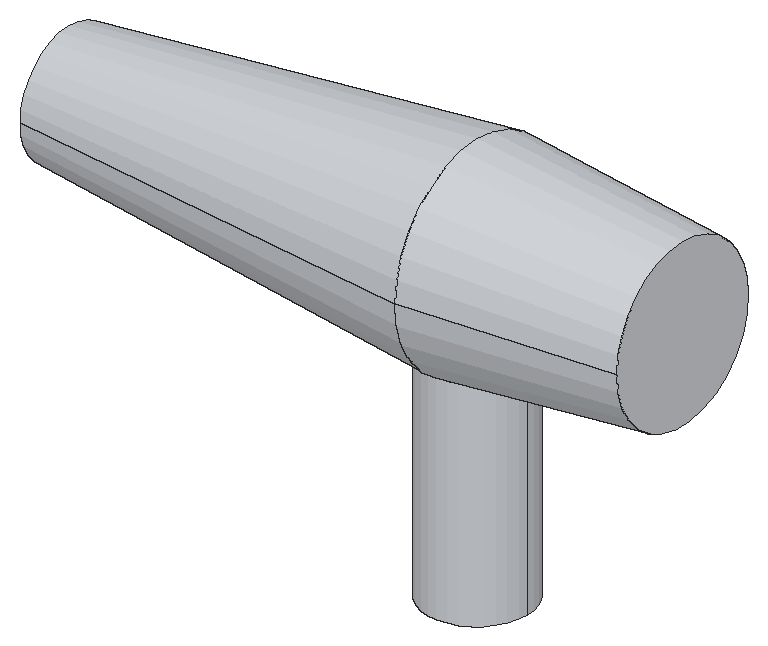
Revit family "M_Secador de cabelo", category Iluminação elétrica, Revit 2019
Family settings
  Manter orientação da anotação = Sim
  Cota do conector redondo = Utilizar diâmetro
  Tipo de parte = Normal
  Número OmniClass = 23.45.70.11
  Título OmniClass = Laundry Equipment
  ID de item do Seek = Hair Dryer-0000-CAN-ENU
  Com base no plano de trabalho = Não
  Sempre na vertical = Sim
  Corte com vazios quando carregada = Não
  Compartilhado = Não
  Ponto de cálculo do ambiente = Não
Parameters (values of type "Padrão")
  Voltagem = 120 V
  Raio 4 = 41 mm
  Raio 3 = 30 mm
  Raio 2 = 51 mm
  Raio 1 = 25 mm
  Número de pólos = 1
  Classificação de carga = Eletrodoméstico - Unidade de interrupção
  Comprimento 2 = 102 mm
  Comprimento 1 = 203 mm
  Legenda = "H"
  Altura = 152 mm
  Material do secador = none
  Carga aparente = 1000 VA
Reference planes
  plane 1 "Centro (Frente/Trás)": y = 0
  plane 2: z = 0
  plane 3 "Centro (Esquerda/Direita)": x = 0
  plane 4: x = -203
  plane 5: x = 102
  plane 6: z = 152
Forms (mm)
  Extrusion 1, solid, material <- "Material do secador"
    sketch origin (0, 0, 0) x (1, 0, 0) y (0, 1, 0)
      loop
        circle (0, 0) r 25
    from 0 to 152
  Blend 2, solid, material <- "Material do secador"
    base sketch origin (0, 0, 0) x (0, 1, 0) y (0, 0, 1)
      loop
        circle (0, 152) r 30
    top sketch origin (0, 0, 0) x (0, 1, 0) y (0, 0, 1)
      loop
        circle (0, 152) r 51
    from -203 to 0
  Blend 3, solid, material <- "Material do secador"
    base sketch origin (0, 0, 0) x (0, 1, 0) y (0, 0, 1)
      loop
        circle (0, 152) r 51
    top sketch origin (0, 0, 0) x (0, 1, 0) y (0, 0, 1)
      loop
        circle (0, 152) r 41
    from 0 to 102
Cuts and joins
  joined: Extrusion 1, Blend 2, Blend 3
Lines and regions (mm)
  symbolic lines, detail levels fine
    curve 1: line (-203, 30.46, 0) -> (-203, -30.46, 0)
    curve 2: line (102, -40.68, 0) -> (102, 40.68, 0)
    curve 3: line (-203, 30.46, 0) -> (0, 50.8, 0)
    curve 4: line (0, 50.8, 0) -> (102, 40.68, 0)
    curve 5: line (102, -40.68, 0) -> (0, -50.8, 0)
    curve 6: line (0, -50.8, 0) -> (-203, -30.46, 0)
    curve 7: line (0, 50.8, 0) -> (0, -50.8, 0)
Dimensions and locks
  "Altura": plane 6 to plane 2
  "Comprimento 1": plane 3 "Centro (Esquerda/Direita)" to plane 4
  "Comprimento 2": plane 5 to plane 3 "Centro (Esquerda/Direita)"
  "Raio 1": radius of Extrusion 1 sketch curve
  "Raio 2": radius of Blend 2 sketch curve
  "Raio 3": radius of Blend 2 sketch curve
  "Raio 2": radius of Blend 3 sketch curve
  "Raio 4": radius of Blend 3 sketch curve
  aligned and locked: Blend 2 to plane 4
  aligned and locked: plane 3 "Centro (Esquerda/Direita)" to Blend 2
  aligned and locked: plane 1 "Centro (Frente/Trás)" to Extrusion 1 sketch curve
  aligned and locked: plane 3 "Centro (Esquerda/Direita)" to Extrusion 1 sketch curve
  aligned and locked: Extrusion 1 to plane 2
  aligned and locked: plane 6 to Extrusion 1
  aligned and locked: plane 6 to Blend 2 sketch curve  (x2)
  aligned and locked: plane 1 "Centro (Frente/Trás)" to Blend 2 sketch curve  (x2)
  aligned and locked: plane 6 to Blend 3 sketch curve  (x2)
  aligned and locked: plane 1 "Centro (Frente/Trás)" to Blend 3 sketch curve  (x2)
  aligned and locked: Blend 3 to plane 3 "Centro (Esquerda/Direita)"
  aligned and locked: plane 5 to Blend 3
  aligned and locked: curve 1 to cut or joined group of Extrusion 1, Blend 2, Blend 3
  aligned and locked: cut or joined group of Extrusion 1, Blend 2, Blend 3 to curve 2
  aligned and locked: cut or joined group of Extrusion 1, Blend 2, Blend 3 to curve 5
  aligned and locked: curve 7 to cut or joined group of Extrusion 1, Blend 2, Blend 3
  aligned and locked: plane 1 "Centro (Frente/Trás)" to nested 1
  aligned and locked: plane 3 "Centro (Esquerda/Direita)" to nested 1
Automatic sketch dimensions
  plane 1 "Centro (Frente/Trás)" to curve 5 = 50.8 mm
  plane 1 "Centro (Frente/Trás)" to curve 2 = 40.68 mm
  plane 1 "Centro (Frente/Trás)" to curve 1 = 30.46 mm
  curve 3 to plane 1 "Centro (Frente/Trás)" = 30.46 mm
  curve 2 to plane 1 "Centro (Frente/Trás)" = 40.68 mm
  curve 7 to plane 1 "Centro (Frente/Trás)" = 50.8 mm
Nested families
  nested 1: "M_Anotação de secador de cabelo" at (0, 0, 0), type "Anotação do secador de cabelo", detail levels coarse+medium
Connectors
  electrical at (0, 0, 0), driven by "Voltagem", driven by "Carga aparente", driven by "Número de pólos", driven by "Classificação de carga"
    settings: on cut or joined group of Extrusion 1, Blend 2, Blend 3, index 1, voltage 120 V, apparent load 1000 VA, apparent load phase1 0 VA, apparent load phase2 0 VA, apparent load phase3 0 VA, power factor 1, load classification "Eletrodoméstico - Unidade de interrupção", number of poles 1, system type 30, power factor state 1, is connector primary yes, connector utility no, sub classification motor no, connector description ""
Definition of nested family "M_Anotação de secador de cabelo"
  Parameters
    Anotação de legenda = "H"
  Reference planes
    plane 1: y = 0
    plane 2: x = 0
  Lines and regions (mm)
    reference lines
      curve 1: line (2.381, 9.274, 0) -> (2.381, -7.768, 0)
    detail lines
      curve 2: line (2.381, 2.381, 0) -> (0, 4.762, 0)
      curve 3: line (0, 4.762, 0) -> (-2.381, 2.381, 0)
      curve 4: line (-2.381, 2.381, 0) -> (0, 0, 0)
      curve 5: line (0, 0, 0) -> (2.381, 2.381, 0)
  Text (mm)
    label "H" at (-1.062, 2.3, 0), shows "Anotação de legenda"
  Dimensions and locks
    locked: plane 2 to curve 1 at 2.381
